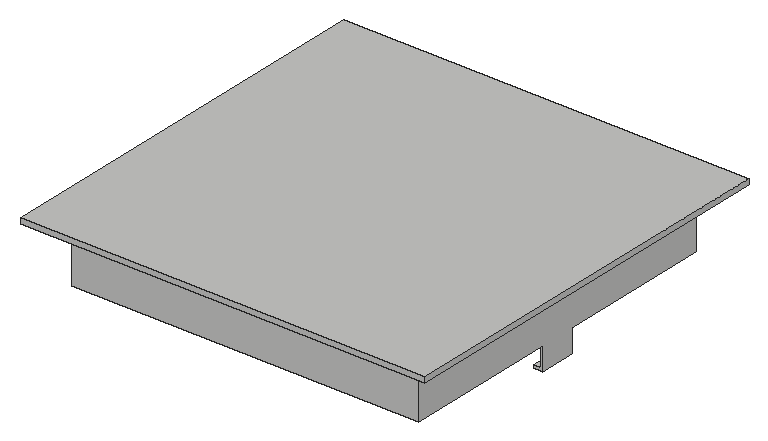
Revit family "Access_Panel-Wall_Ceiling_Door-Activar-Interior_Access-FD", category Doors, host Face, Revit 2012
Parameters (values of type "See Type Catalog")
  ecoScorecard_data = ""
  ecoScorecard Product Page = "http://ecoscorecard.com/"
  Width = 14"
  Warranty URL = "http://www.activarcpg.com/sites/default/files/warranty/jl-industries/JL%20AP%20Warranty.pdf"
  URL = "http://www.activarcpg.com/"
  Submittal URL = "http://www.activarcpg.com/sites/default/files/submittals/JL/Access%20Panels/Access%20Panel_FD_FDS_2HR_W_Submittal.pdf"
  Subcategory = "Access Panels"
  Shipping Weight = 6.00 lbf
  Rough Width = 13 5/8"
  Rough Height = 13 5/8"
  Product Page URL = "http://www.activarcpg.com/jl-industries/product/fd-series-2-hour-fire-rated-insulated-flush-access-panels-walls"
  Product Line = "Fire-Rated Access Panels"
  Panel Type Use = "Standard Panel (Wall or Ceiling)"
  Options = "Additional Colors, Galvanized Finish, Mortise Slam Lock Prep (U3) or Mortise Slam Lock Installed (U4)."  # constant formula
  Opening Gap = 13/16"
  Number of Latches = 1
  Model = "FD-0808UW"
  Manufacturer Toll Free Phone = "800-554-6077"
  Manufacturer Phone = "952-835-6850"
  Manufacturer Fax = "952-835-2218"
  Manufacturer Email = "mailto:Sales@activarcpg.com"
  Manufacturer Address = "9702 Newton Av S, Bloomington MN 55431"  # constant formula
  Manufacturer = "Activar Construction Products Group"  # constant formula
  Maitenance URL = "http://www.activarcpg.com/sites/default/files/InstallationMaint/JL/Access%20Panel%20Cleaning%20and%20Maintenance.pdf"
  Installation URL = "http://www.activarcpg.com/sites/default/files/InstallationMaint/JL/Access_Panel_FD_Wall_Installation.pdf"
  Height = 14"
  Hardware = "Universal turn ring and key lock (U)."
  Frame = "16 gauge steel with a 1” flange. Welded-on masonry anchor."
  Fire Rating Wall Installation = "1-1/2 hour UL“B” label in a 2 hour fire barrier. File # R13067-1. FD, FDPW, FDSS, FDWB maximum size 48” x 48”, HGFD maximum size 24” x 48”."
  Fire Rating Ceiling Installation = "Warnock Hersey listed for ceiling installations with 3 hour non-combustible rating or 1 hour combustible rating. FD, FDPW, FDWB, FDSS. File # WHI-495-PSH-0163. Maximum size 24” x 36”"
  Finish [instance] = Paint - Activar - Gray Powder Coat Primer
  Drywall Bead Installation = yes
  Door = "2” thick, insulated 20 gauge steel with continuous hinge."
  Description = "Fire-Rated & Insulated Flush Frame Access Panel"
  Default Elevation = 48"
  Custom Size Note = "Custom sizes are available.  Contact manufacturer for availability."  # constant formula
  Cost Info = "mailto:Sales@activarcpg.com"
  Color Availability = "Red (R), Black (BK), Flat Black (FB), Sand (S), AMS Beige (AB), SC Flat Beige (SB), Gray (G), Bronze (B), Silver (SI)"
  CSFM = "This product has been approved by the California State Fire Marshall (CSFM) pursuant to Section 13144.1 of the California Health and Safety Code. See CSFM Listing No 3330-1223:101 for allowable values and/or conditions for use concerning material presented in this document. It is subject reexamination, revision and possible cancellation."
  Assembly Code = "C1020700"
  Anchors Available = "Masonry Anchors Standard"  # constant formula
  Additional Info URL = "http://www.activarcpg.com/sites/default/files/Specifications/Access%20Panels.doc"
  95 CSI = "08310"
  04 CSI = "08 31 16"
Reference planes (in)
  plane 1 "Center (Front/Back)": y = 0
  plane 2 "Not Reference": z = 0
  plane 3 "Center (Left/Right)": x = 0
  plane 4 "Left Opening": x = -6.8125
  plane 5 "Right Opening": x = 6.8125
  plane 6 "Top Opening": y = 6.8125
  plane 7 "Bottom Opening": y = -6.8125
  plane 8 "Host Level": z = 0
  plane 9 "Front Door": z = 0.1875
  plane 10 "Box Depth": z = -2
  plane 11 "Top": y = 7
  plane 12 "Base": y = -7
  plane 13 "Left": x = -7
  plane 14 "Right": x = 7
  plane 15: x = -6
  plane 16: x = 6
  plane 17: y = 6
  plane 18: y = -6
  plane 19: x = 5.59375
  plane 20 "Void Depth": z = -26
Forms (in)
  Extrusion 1, void
    sketch origin (0, 0, 0) x (1, 0, 0) y (0, 1, 0)
      loop
        line (-6.8125, 6.8125) -> (-6.8125, -6.8125) -> (6.8125, -6.8125) -> (6.8125, 6.8125) -> (-6.8125, 6.8125)
    from 0 to -26
  Extrusion 2, solid, material "Paint - Activar - Gray Powder Coat Primer" <- "Finish"
    sketch origin (0, 0, 0) x (1, 0, 0) y (0, 1, 0)
      loop
        line (-7, 7) -> (-7, -7) -> (7, -7) -> (7, 7) -> (-7, 7)
    from 0 to 0.1875
  Extrusion 3, solid, material "Paint - Activar - Gray Powder Coat Primer" <- "Finish"
    sketch origin (0, 0, 0) x (1, 0, 0) y (0, 1, 0)
      loop
        line (-6, 6) -> (-6, -6) -> (6, -6) -> (6, 6) -> (-6, 6)
    from -2 to 0
  Extrusion 4, solid, material "Paint - Activar - Gray Powder Coat Primer" <- "Finish"
    sketch origin (-0.16166, 0, 0.00326) x (1, 0, 0) y (0, 0, 1)
      loop
        line (6.16166, -2.00326) -> (6.07939, -2.00326) -> (6.07939, -2.72507) -> (5.82939, -2.72507) -> (5.82939, -2.81299) -> (6.16166, -2.81299) -> (6.16166, -2.00326)
    from -0.62189 to 0.63193
Cuts and joins
  joined: Extrusion 3, Extrusion 4
Lines and regions (in)
  Masking region 1
    outline origin (0, 0, 0) x (1, 0, 0) y (0, 0, 1)
      loop
        line (-7, 0.1875) -> (-7, 0) -> (-6, 0) -> (-6, -2.80973) -> (-5.66773, -2.80973) -> (-5.66773, -2.72181) -> (-5.91773, -2.72181) -> (-5.91773, -2) -> (5.91773, -2) -> (5.91773, -2.72181) -> (5.66773, -2.72181) -> (5.66773, -2.80973) -> (6, -2.80973) -> (6, 0) -> (7, 0) -> (7, 0.1875) -> (-7, 0.1875)
  Masking region 2
    outline origin (0, 0, 0) x (1, 0, 0) y (0, 1, 0)
      loop
        line (-7, 7) -> (-7, -7) -> (7, -7) -> (7, 7) -> (-7, 7)
  model lines, detail levels medium+fine
    curve 1: line (-6, 6, 0.1875) -> (6, 6, 0.1875)
    curve 2: line (-6, -6, 0.1875) -> (-6, 6, 0.1875)
    curve 3: line (6, -6, 0.1875) -> (-6, -6, 0.1875)
    curve 4: line (6, 6, 0.1875) -> (6, -6, 0.1875)
  symbolic lines, detail levels medium+fine
    curve 5: line (-6, 0, 0) -> (6, 0, 0)
    curve 6: line (-6, -6, 0) -> (-6, 6, 0)
    curve 7: line (-6, 6, 0) -> (6, 6, 0)
    curve 8: line (6, 6, 0) -> (6, -6, 0)
    curve 9: line (6, -6, 0) -> (-6, -6, 0)
  symbolic lines, detail levels fine
    curve 10: line (-6, 0, -2) -> (-5.91773, 0, -2)
    curve 11: circle (5.59375, 0, 0) r 0.10148 normal (0, 0, 1)
    curve 12: arc (5.49961, -0.03791, 0) -> (5.59375, -0.65023, 0) -> (5.68789, -0.03791, 0) r 0.3134
    curve 13: arc (5.69484, 0.00897, 0) -> (5.59375, -0.69711, 0) -> (5.49266, 0.00897, 0) r 0.36027
    curve 17: line (5.91773, 0, -2) -> (6, 0, -2)
  model lines, detail levels fine
    curve 14: circle (5.59375, 0, 0.1875) r 0.10148 normal (0, 0, 1)
    curve 15: arc (5.49961, -0.03791, 0.1875) -> (5.59375, -0.65023, 0.1875) -> (5.68789, -0.03791, 0.1875) r 0.3134
    curve 16: arc (5.69484, 0.00897, 0.1875) -> (5.59375, -0.69711, 0.1875) -> (5.49266, 0.00897, 0.1875) r 0.36027
Dimensions and locks (in)
  equal spacing: plane 4 "Left Opening", plane 3 "Center (Left/Right)", plane 5 "Right Opening"
  equal spacing: plane 6 "Top Opening", plane 1 "Center (Front/Back)", plane 7 "Bottom Opening"
  "Rough Width": plane 4 "Left Opening" to plane 5 "Right Opening"
  "Rough Height": plane 6 "Top Opening" to plane 7 "Bottom Opening"
  equal spacing: plane 13 "Left", plane 3 "Center (Left/Right)", plane 14 "Right"
  "Height": plane 11 "Top" to plane 12 "Base"
  "Width": plane 13 "Left" to plane 14 "Right"
  locked: plane 9 "Front Door" to plane 8 "Host Level" at 0.1875
  locked: plane 8 "Host Level" to plane 10 "Box Depth" at 2
  equal spacing: plane 11 "Top", plane 1 "Center (Front/Back)", plane 12 "Base"
  locked: plane 19 to plane 5 "Right Opening" at 1.21875
  "Opening Gap": plane 16 to plane 5 "Right Opening"
  "Opening Gap": plane 4 "Left Opening" to plane 15
  "Opening Gap": plane 6 "Top Opening" to plane 17
  "Opening Gap": plane 18 to plane 7 "Bottom Opening"
  plane 10 "Box Depth" to plane 20 "Void Depth" = 24"
  locked: curve 13 to plane 1 "Center (Front/Back)" at 0.33683
  locked: curve 12 to plane 1 "Center (Front/Back)" at 0.33683
  locked: curve 16 to plane 1 "Center (Front/Back)" at 0.33683
  locked: curve 15 to plane 1 "Center (Front/Back)" at 0.33683
  locked: plane 16 to Extrusion 4 sketch curve at 0.08227
  locked: Masking region 1 sketch curve to plane 15 at 0.33227
  locked: plane 16 to Masking region 1 sketch curve at 0.33227
  locked: plane 16 to Extrusion 4 sketch curve at 0.33227
  aligned and locked: plane 2 "Not Reference" to host face
  aligned and locked: level to host face
  aligned and locked: plane 4 "Left Opening" to Extrusion 1 sketch curve
  aligned and locked: Extrusion 1 sketch curve to plane 5 "Right Opening"
  aligned and locked: Extrusion 1 sketch curve to plane 6 "Top Opening"
  aligned and locked: plane 7 "Bottom Opening" to Extrusion 1 sketch curve
  aligned and locked: plane 2 "Not Reference" to Extrusion 1
  aligned and locked: Extrusion 2 sketch curve to plane 14 "Right"
  aligned and locked: Extrusion 2 sketch curve to plane 11 "Top"
  aligned and locked: plane 13 "Left" to Extrusion 2 sketch curve
  aligned and locked: plane 12 "Base" to Extrusion 2 sketch curve
  aligned and locked: plane 9 "Front Door" to Extrusion 2
  aligned and locked: Extrusion 2 to plane 8 "Host Level"
  aligned and locked: plane 8 "Host Level" to Extrusion 3
  aligned and locked: Extrusion 3 to plane 10 "Box Depth"
  aligned and locked: plane 15 to curve 2
  aligned and locked: curve 4 to plane 16
  aligned and locked: plane 18 to curve 3
  aligned and locked: Extrusion 2 to plane 13 "Left"
  aligned and locked: plane 11 "Top" to Extrusion 2
  aligned and locked: plane 14 "Right" to Extrusion 2
  aligned and locked: Extrusion 2 to plane 12 "Base"
  aligned and locked: Extrusion 2 to plane 9 "Front Door"
  aligned and locked: Masking region 1 to plane 13 "Left"
  aligned and locked: Masking region 1 to plane 8 "Host Level"  (x2)
  aligned and locked: plane 14 "Right" to Masking region 1
  aligned and locked: plane 9 "Front Door" to Masking region 1
  aligned and locked: plane 2 "Not Reference" to plane 8 "Host Level"
  aligned and locked: Masking region 1 sketch curve to plane 9 "Front Door"
  aligned and locked: curve 10 to plane 10 "Box Depth"
  aligned and locked: plane 12 "Base" to Masking region 2 sketch curve
  aligned and locked: curve 7 to plane 17
  aligned and locked: plane 18 to curve 9
  aligned and locked: plane 15 to curve 6
  aligned and locked: curve 8 to plane 16
  aligned and locked: Masking region 2 sketch curve to plane 11 "Top"
  aligned and locked: plane 13 "Left" to Masking region 1 sketch curve
  aligned and locked: Masking region 1 sketch curve to plane 14 "Right"
  aligned and locked: plane 8 "Host Level" to Masking region 1 sketch curve  (x2)
  aligned and locked: Extrusion 1 to plane 20 "Void Depth"
  aligned and locked: plane 19 to curve 11
  aligned and locked: plane 1 "Center (Front/Back)" to curve 11
  aligned and locked: plane 19 to curve 13
  aligned and locked: plane 19 to curve 12
  aligned and locked: plane 1 "Center (Front/Back)" to curve 14
  aligned and locked: plane 19 to curve 14
  aligned and locked: plane 19 to curve 16
  aligned and locked: plane 19 to curve 15
  aligned and locked: Masking region 1 sketch curve to plane 15
  aligned and locked: Masking region 1 sketch curve to plane 16
  aligned and locked: Extrusion 4 sketch curve to plane 16
  aligned and locked: Extrusion 4 sketch curve to plane 10 "Box Depth"
  aligned and locked: plane 15 to curve 5
  aligned and locked: plane 16 to curve 5
  aligned and locked: Masking region 1 to curve 10
  aligned and locked: Masking region 1 to curve 17
  aligned and locked: plane 16 to curve 17
  aligned and locked: plane 13 "Left" to Masking region 2 sketch curve
  aligned and locked: Masking region 2 sketch curve to plane 14 "Right"
  aligned and locked: plane 15 to Extrusion 3 sketch curve
  aligned and locked: plane 18 to Extrusion 3 sketch curve
  aligned and locked: Extrusion 3 sketch curve to plane 16
  aligned and locked: Extrusion 3 sketch curve to plane 17
  aligned and locked: nested 1 to plane 9 "Front Door"
  aligned and locked: plane 16 to nested 1
  aligned and locked: plane 15 to nested 1
Automatic sketch dimensions
  host sketch curve to host sketch curve = 20.41789"
  host sketch curve to host sketch curve = 18.32799"
  curve 1 to plane 17 = 0"
  curve 13 to plane 19 = 0.10109"
  curve 13 to curve 12 = 0.00695"
  curve 13 to plane 1 "Center (Front/Back)" = 0.00897"
  curve 15 to curve 16 = 0.00695"
  curve 15 to curve 14 = 0.03791"
  curve 15 to curve 16 = 3/64"
  Masking region 1 sketch curve to plane 10 "Box Depth" = 0"
  plane 15 to Masking region 1 sketch curve = 0.08227"
  Masking region 1 sketch curve to plane 16 = 0.08227"
  Masking region 1 sketch curve to plane 10 "Box Depth" = 0.72181"  (x2)
  Masking region 1 sketch curve to Masking region 1 sketch curve = 0.08792"  (x2)
  curve 5 to level = 0"
  curve 17 to curve 17 = 0.08227"
  curve 10 to plane 15 = 0"
  Extrusion 4 sketch curve to plane 10 "Box Depth" = 0.72181"
  Extrusion 4 sketch curve to Extrusion 4 sketch curve = 0.08792"
Nested families (in)
  nested 1: "Access_Panel-Door-Plan_Swing-2D" at (0, 0, 0.1875) x (1, 0, 0) z (0, -1, 0), type "Access_Panel-Door-Plan_Swing-2D"
    with Door Width 12"
Definition of nested family "Access_Panel-Door-Plan_Swing-2D"
  Parameters (values of type "Access_Panel-Door-Plan_Swing-2D")
    Door Width [instance] = 13 1/2"
  Reference planes (in)
    plane 1 "Center (Front/Back)": y = 0
    plane 2: z = 0
    plane 3 "Center (Left/Right)": x = 0
    plane 4: x = -6.75
    plane 5: x = 6.75
  Lines and regions (in)
    detail lines, in view "Ref. Level"
      curve 1: line (-6.75, 0, 0) -> (-6.75, 13.5, 0)
      curve 2: arc (-6.75, 13.5, 0) -> (2.79594, 9.54594, 0) -> (6.75, 0, 0) r 13.5
  Dimensions and locks (in)
    equal spacing: plane 4, plane 3 "Center (Left/Right)", plane 5
    "Door Width": plane 4 to plane 5
    aligned and locked: plane 1 "Center (Front/Back)" to curve 2  (x2)
    aligned and locked: plane 4 to curve 2  (x2)
    aligned and locked: plane 1 "Center (Front/Back)" to curve 1
    aligned and locked: plane 5 to curve 2
    aligned and locked: plane 4 to curve 1
Types in the file's own list only (44): name | Width | Shipping Weight | Rough Width | Rough Height | Opening Gap | Number of Latches | Model | Height
  Wall, 2 Hour Vertical Fire Barrier, 8  x 8 | 10" | 6.00 lb | 8 3/8" | 8 3/8" | 3/16" | 1 | "FD-0808UW" | 10"
  Wall, 2 Hour Vertical Fire Barrier, 10  x 10 | 12" | 8.00 lb | 10 3/8" | 10 3/8" | 3/16" | 1 | "FD-1010UW" | 12"
  Wall, 2 Hour Vertical Fire Barrier, 12  x 12 | 14" | 10.00 lb | 12 3/8" | 12 3/8" | 3/16" | 1 | "FD-1212UW" | 14"
  Wall, 2 Hour Vertical Fire Barrier, 14  x 14 | 16" | 12.00 lb | 14 3/8" | 14 3/8" | 3/16" | 1 | "FD-1414UW" | 16"
  Wall, 2 Hour Vertical Fire Barrier, 16  x 16 | 18" | 15.00 lb | 16 3/8" | 16 3/8" | 3/16" | 1 | "FD-1616UW" | 18"
  Wall, 2 Hour Vertical Fire Barrier, 18  x 18 | 20" | 17.00 lb | 18 3/8" | 18 3/8" | 3/16" | 1 | "FD-1818UW" | 20"
  Wall, 2 Hour Vertical Fire Barrier, 20  x 20 | 22" | 21.00 lb | 20 3/8" | 20 3/8" | 3/16" | 1 | "FD-2020UW" | 22"
  Wall, 2 Hour Vertical Fire Barrier, 20  x 30 | 22" | 28.00 lb | 20 3/8" | 30 3/8" | 3/16" | 1 | "FD-2030UW" | 32"
  Wall, 2 Hour Vertical Fire Barrier, 22  x 22 | 24" | 26.00 lb | 22 3/8" | 22 3/8" | 3/16" | 1 | "FD-2222UW" | 24"
  Wall, 2 Hour Vertical Fire Barrier, 22  x 30 | 24" | 29.00 lb | 22 3/8" | 30 3/8" | 3/16" | 1 | "FD-2230UW" | 32"
  Wall, 2 Hour Vertical Fire Barrier, 22  x 36 | 24" | 36.00 lb | 22 3/8" | 36 3/8" | 3/16" | 2 | "FD-2236UW" | 38"
  Wall, 2 Hour Vertical Fire Barrier, 24  x 24 | 26" | 27.00 lb | 24 3/8" | 24 3/8" | 3/16" | 1 | "FD-2424UW" | 26"
  Wall, 2 Hour Vertical Fire Barrier, 24  x 36 | 26" | 37.00 lb | 24 3/8" | 36 3/8" | 3/16" | 2 | "FD-2436UW" | 38"
  Wall, 2 Hour Vertical Fire Barrier, 24  x 48 | 26" | 54.00 lb | 24 3/8" | 48 3/8" | 3/16" | 2 | "FD-2448UW" | 50"
  Wall, 2 Hour Vertical Fire Barrier, 30  x 30 | 32" | 38.00 lb | 30 3/8" | 30 3/8" | 3/16" | 2 | "FD-3030UW" | 32"
  Wall, 2 Hour Vertical Fire Barrier, 32  x 32 | 34" | 43.00 lb | 32 3/8" | 32 3/8" | 3/16" | 2 | "FD-3232UW" | 34"
  Wall, 2 Hour Vertical Fire Barrier, 36  x 36 | 38" | 52.00 lb | 36 3/8" | 36 3/8" | 3/16" | 2 | "FD-3636UW" | 38"
  Wall, 2 Hour Vertical Fire Barrier, 36  x 48 | 38" | 61.00 lb | 36 3/8" | 48 3/8" | 3/16" | 2 | "FD-3648UW" | 50"
  Ceiling, 1 Hour Combustible, 8  x 8 | 10" | 6.00 lb | 8 3/8" | 8 3/8" | 3/16" | 1 | "FD-0808UW" | 10"
  Ceiling, 1 Hour Combustible, 10  x 10 | 12" | 8.00 lb | 10 3/8" | 10 3/8" | 3/16" | 1 | "FD-1010UW" | 12"
  Ceiling, 1 Hour Combustible, 12  x 12 | 14" | 10.00 lb | 12 3/8" | 12 3/8" | 3/16" | 1 | "FD-1212UW" | 14"
  Ceiling, 1 Hour Combustible, 14  x 14 | 16" | 12.00 lb | 14 3/8" | 14 3/8" | 3/16" | 1 | "FD-1414UW" | 16"
  Ceiling, 1 Hour Combustible, 16  x 16 | 18" | 15.00 lb | 16 3/8" | 16 3/8" | 3/16" | 1 | "FD-1616UW" | 18"
  Ceiling, 1 Hour Combustible, 18  x 18 | 20" | 17.00 lb | 18 3/8" | 18 3/8" | 3/16" | 1 | "FD-1818UW" | 20"
  Ceiling, 1 Hour Combustible, 20  x 20 | 22" | 21.00 lb | 20 3/8" | 20 3/8" | 3/16" | 1 | "FD-2020UW" | 22"
  Ceiling, 1 Hour Combustible, 20  x 30 | 22" | 28.00 lb | 20 3/8" | 30 3/8" | 3/16" | 1 | "FD-2030UW" | 32"
  Ceiling, 1 Hour Combustible, 22  x 22 | 24" | 26.00 lb | 22 3/8" | 22 3/8" | 3/16" | 1 | "FD-2222UW" | 24"
  Ceiling, 1 Hour Combustible, 22  x 30 | 24" | 29.00 lb | 22 3/8" | 30 3/8" | 3/16" | 1 | "FD-2230UW" | 32"
  Ceiling, 1 Hour Combustible, 22  x 36 | 24" | 36.00 lb | 22 3/8" | 36 3/8" | 3/16" | 2 | "FD-2236UW" | 38"
  Ceiling, 1 Hour Combustible, 24  x 24 | 26" | 27.00 lb | 24 3/8" | 24 3/8" | 3/16" | 1 | "FD-2424UW" | 26"
  Ceiling, 1 Hour Combustible, 24  x 36 | 26" | 37.00 lb | 24 3/8" | 36 3/8" | 3/16" | 2 | "FD-2436UW" | 38"
  Ceiling, 3 Hour Non_Combustible, 8  x 8 | 10" | 6.00 lb | 9 5/8" | 9 5/8" | 13/16" | 1 | "FD-0808UW" | 10"
  Ceiling, 3 Hour Non_Combustible, 10  x 10 | 12" | 8.00 lb | 11 5/8" | 11 5/8" | 13/16" | 1 | "FD-1010UW" | 12"
  Ceiling, 3 Hour Non_Combustible, 12  x 12 | 14" | 10.00 lb | 13 5/8" | 13 5/8" | 13/16" | 1 | "FD-1212UW" | 14"
  Ceiling, 3 Hour Non_Combustible, 14  x 14 | 16" | 12.00 lb | 15 5/8" | 15 5/8" | 13/16" | 1 | "FD-1414UW" | 16"
  Ceiling, 3 Hour Non_Combustible, 16  x 16 | 18" | 15.00 lb | 17 5/8" | 17 5/8" | 13/16" | 1 | "FD-1616UW" | 18"
  Ceiling, 3 Hour Non_Combustible, 18  x 18 | 20" | 17.00 lb | 19 5/8" | 19 5/8" | 13/16" | 1 | "FD-1818UW" | 20"
  Ceiling, 3 Hour Non_Combustible, 20  x 20 | 22" | 21.00 lb | 21 5/8" | 21 5/8" | 13/16" | 1 | "FD-2020UW" | 22"
  Ceiling, 3 Hour Non_Combustible, 20  x 30 | 22" | 28.00 lb | 21 5/8" | 31 5/8" | 13/16" | 1 | "FD-2030UW" | 32"
  Ceiling, 3 Hour Non_Combustible, 22  x 22 | 24" | 26.00 lb | 23 5/8" | 23 5/8" | 13/16" | 1 | "FD-2222UW" | 24"
  Ceiling, 3 Hour Non_Combustible, 22  x 30 | 24" | 29.00 lb | 23 5/8" | 31 5/8" | 13/16" | 1 | "FD-2230UW" | 32"
  Ceiling, 3 Hour Non_Combustible, 22  x 36 | 24" | 36.00 lb | 23 5/8" | 37 5/8" | 13/16" | 2 | "FD-2236UW" | 38"
  Ceiling, 3 Hour Non_Combustible, 24  x 24 | 26" | 27.00 lb | 25 5/8" | 25 5/8" | 13/16" | 1 | "FD-2424UW" | 26"
  Ceiling, 3 Hour Non_Combustible, 24  x 36 | 26" | 37.00 lb | 25 5/8" | 37 5/8" | 13/16" | 2 | "FD-2436UW" | 38"
